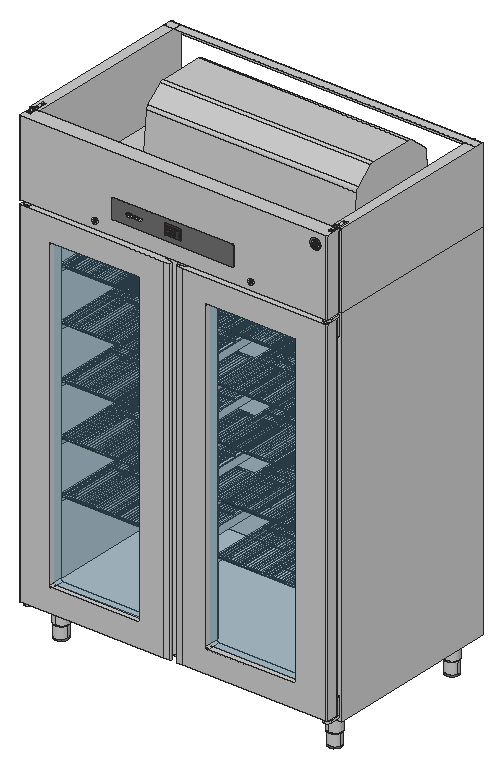
Revit family "QF_HOSHIZAKI_174141070", category Specialty Equipment, Revit 2016
Family settings
  Part Type = Normal
  Round Connector Dimension = Use Diameter
  OmniClass Number = 23.40.40.14
  OmniClass Title = Food Service Equipment
  Work Plane-Based = No
  Always vertical = Yes
  Cut with Voids When Loaded = No
  Shared = No
  Room Calculation Point = No
Parameters (values of type "174141070_230V/1Ph/50Hz")
  Weight = 196.00 kg
  Volts = 230 V
  URL Cutsheet = ""
  URL = "www.hoshizaki-europe.com"
  Status [instance] = ""
  Specification by User [instance] = ""
  Specification by Manufacturer [instance] = ""
  Serial Number = ""
  Seismic Rating = ""
  SMACNA No = ""
  Revision Code [instance] = ""
  Phase = 1
  Number of Poles = 2
  NAFEM Spec ID Number = ""
  Model = "PREMIER KG 140 L"
  Min Ckt Ampacity = 0 A
  Max Overcurrent Protection = 0 A
  Masterspec = ""
  Manufacturer = "HOSHIZAKI"
  Length Actual = 1380 mm
  Item Number [instance] = ""
  Installed By [instance] = ""
  Identify Quantity as Lot [instance] = no
  Height Actual = 2100 mm
  HP power = ""
  Furnished By [instance] = ""
  Foodservice Equipment Identifier [instance] = yes
  FL Amps = 9.83 A
  Electric power = 2260 W
  Electric Connection Type [instance] = ""
  Elec Conn RI Height [instance] = 0 mm
  Elec Conn Connection Height [instance] = 1650 mm
  Description = "PREMIER DOUBLE DOOR REFRIGERATOR, 2/1 GN DEEP, AISI 304 STAINLESS STEEL EXTERIOR AND INTERIOR, GLASS DOORS, HC NATURAL REFRIGERANT, LEGS"
  Depth Actual = 920 mm
  Cycle = 50 Hz
  Cost = 0
  Conn Plug = ""
  Conn Conduit = no
  CSI MasterFormat = ""
  Assembly Code = "E1090320"
  Apparent Power = 2260 VA
  Accessory = no
Reference planes
  plane 1 "Center (Front/Back)": y = 0
  plane 2: z = 0
  plane 3 "Center (Left/Right)": x = 0
Forms (mm)
  Extrusion 1, solid, not visible
    sketch origin (1349, -2, 1799) x (1, 0, 0) y (0, 1, 0)
      loop
        line (0, 0) -> (2, 0) -> (2, 2) -> (0, 2) -> (0, 0)
    from 0 to 2
Dimensions and locks
  aligned and locked: level to plane 2
Nested families
  nested 1: "QF_HOSHIZAKI_174141070_230V_1Ph_50Hz" at (0, 0, 150), type "174141070_230V/1Ph/50Hz"
    with Show Logo yes, Show Clearance yes
  nested 2: "QF_HOSHIZAKI_PRE_ADV_LEGS" at (0, 0, 0), type "760660118-1380X920"
    with Length Actual 1380 mm, Height Actual 150 mm, Depth Actual 920 mm
Connectors
  electrical at (1350, 0, 1800), driven by "Apparent Power", driven by "Number of Poles", driven by "Volts"
    settings: on Extrusion 1, index 1, voltage 230 V, apparent load 0 VA, apparent load phase1 2260 VA, apparent load phase2 0 VA, apparent load phase3 0 VA, power factor 1, load classification "Other", number of poles 2, system type 31, power factor state 1, is connector primary yes, connector utility no, sub classification motor no, connector description "Electric connection for '174141070'"
Definition of nested family "QF_HOSHIZAKI_174141070_230V_1Ph_50Hz"
  Parameters (values of type "174141070_230V/1Ph/50Hz")
    URL = "www.hoshizaki-europe.com"
    Show Logo [instance] = yes
    Show Clearance [instance] = yes
    Model = "PREMIER KG 140 L"
    Manufacturer = "HOSHIZAKI"
    Description = "PREMIER DOUBLE DOOR REFRIGERATOR, 2/1 GN DEEP, AISI 304 STAINLESS STEEL EXTERIOR AND INTERIOR, GLASS DOORS, HC NATURAL REFRIGERANT, LEGS"
    Assembly Code = "E1090320"
  Types (3, lengths in mm): name | Model | Description
    174141070_230V/1Ph/50Hz | "PREMIER KG 140 L" | "PREMIER DOUBLE DOOR REFRIGERATOR, 2/1 GN DEEP, AISI 304 STAINLESS STEEL EXTERIOR AND INTERIOR, GLASS DOORS, HC NATURAL REFRIGERANT, LEGS"
    174142090 | "PREMIER KG 140 C U" | "PREMIER DOUBLE DOOR REFRIGERATOR, 2/1 GN DEEP, AISI 304 STAINLESS STEEL EXTERIOR AND INTERIOR, GLASS DOORS, HC NATURAL REFRIGERANT, CASTORS"
    174142070 | "PREMIER KG 140 C" | "PREMIER DOUBLE DOOR REFRIGERATOR, 2/1 GN DEEP, AISI 304 STAINLESS STEEL EXTERIOR AND INTERIOR, GLASS DOORS, HC NATURAL REFRIGERANT, CASTORS"
  Reference planes
    plane 1 "Back": y = 0
    plane 2: z = 0
    plane 3 "Left": x = 0
    plane 4 "Right": x = 1380
    plane 5 "Front": y = -850
    plane 6 "Top": z = 1950
  Forms (mm)
    Extrusion 1, solid
      sketch origin (689.43, -2.4, 1950) x (1, 0, 0) y (0, 1, 0)
        loop
          line (675.57, -773.038) -> (675.57, -726.21) -> (660.57, -726.21) -> (660.57, -773.038) -> (675.57, -773.038)
        loop
          circle (668.07, -734.247) r 1.711
        loop
          circle (668.07, -765.001) r 1.711
      from 0 to 2
    Extrusion 2, solid
      sketch origin (689.43, -61.259, 1950) x (1, 0, 0) y (0, 1, 0)
        loop
          line (675.57, -752.351) -> (675.57, -720.851) -> (660.57, -720.851) -> (660.57, -752.351) -> (675.57, -752.351)
        loop
          circle (668.07, -727.851) r 1.711
        loop
          circle (668.07, -745.351) r 1.711
      from 0 to 2
    Extrusion 3, solid
      sketch origin (1350, -2.4, -0.1) x (0, 1, 0) y (0, 0, 1)
        loop
          arc (-776.21, 1952.1) -> (-777.016, 1954.865) -> (-774.851, 1952.966) r 1.5
          line (-774.851, 1952.966) -> (-772.968, 1952.281)
          arc (-772.968, 1952.281) -> (-778.164, 1956.504) -> (-776.21, 1950.1) r 3.5
          line (-776.21, 1950.1) -> (-773.038, 1950.1) -> (-773.038, 1952.1) -> (-776.21, 1952.1)
      from 0 to 15
    Extrusion 4, solid
      sketch origin (-645.57, -2.4, 1950) x (1, 0, 0) y (0, 1, 0)
        loop
          line (675.57, -773.038) -> (675.57, -726.21) -> (660.57, -726.21) -> (660.57, -773.038) -> (675.57, -773.038)
        loop
          circle (668.07, -734.247) r 1.711
        loop
          circle (668.07, -765.001) r 1.711
      from 0 to 2
    Extrusion 5, solid
      sketch origin (-645.57, -61.259, 1950) x (1, 0, 0) y (0, 1, 0)
        loop
          line (675.57, -752.351) -> (675.57, -720.851) -> (660.57, -720.851) -> (660.57, -752.351) -> (675.57, -752.351)
        loop
          circle (668.07, -727.851) r 1.711
        loop
          circle (668.07, -745.351) r 1.711
      from 0 to 2
    Extrusion 6, solid
      sketch origin (15, -2.4, -0.1) x (0, 1, 0) y (0, 0, 1)
        loop
          arc (-776.21, 1952.1) -> (-777.016, 1954.865) -> (-774.851, 1952.966) r 1.5
          line (-774.851, 1952.966) -> (-772.968, 1952.281)
          arc (-772.968, 1952.281) -> (-778.164, 1956.504) -> (-776.21, 1950.1) r 3.5
          line (-776.21, 1950.1) -> (-773.038, 1950.1) -> (-773.038, 1952.1) -> (-776.21, 1952.1)
      from 0 to 15
    Extrusion 7, solid
      sketch origin (0, 0, 0) x (0, 1, 0) y (0, 0, 1)
        loop
          line (-780, 1617.5) -> (0, 1617.5) -> (0, 1948.5)
          arc (0, 1948.5) -> (-0.439, 1949.561) -> (-1.5, 1950) r 1.5
          line (-1.5, 1950) -> (-779.35, 1950)
          arc (-779.35, 1950) -> (-779.81, 1949.81) -> (-780, 1949.35) r 0.65
          line (-780, 1949.35) -> (-780, 1617.5)
      from 0 to 45
    Extrusion 8, solid
      sketch origin (1335, 0, 0) x (0, 1, 0) y (0, 0, 1)
        loop
          line (-780, 1617.5) -> (0, 1617.5) -> (0, 1948.5)
          arc (0, 1948.5) -> (-0.439, 1949.561) -> (-1.5, 1950) r 1.5
          line (-1.5, 1950) -> (-779.35, 1950)
          arc (-779.35, 1950) -> (-779.81, 1949.81) -> (-780, 1949.35) r 0.65
          line (-780, 1949.35) -> (-780, 1617.5)
      from 0 to 45
    Extrusion 9, solid
      sketch origin (0, 1.5, -0.1) x (0, 1, 0) y (0, 0, 1)
        loop
          line (-1.51, 1951.6) -> (-38.51, 1951.6) -> (-38.51, 1950.1) -> (-3, 1950.1)
          arc (-3, 1950.1) -> (-1.939, 1949.661) -> (-1.5, 1948.6) r 1.5
          line (-1.5, 1948.6) -> (-1.5, 1914.7) -> (0, 1914.7) -> (0, 1950.09)
          arc (0, 1950.09) -> (-0.442, 1951.158) -> (-1.51, 1951.6) r 1.51
      from 1.06 to 1379.06
    Extrusion 10, solid
      sketch origin (0, -2.4, 1949.9) x (1, 0, 0) y (0, 1, 0)
        loop
          line (10, -778.8) -> (10, -842.7)
          arc (10, -842.7) -> (11.435, -846.165) -> (14.9, -847.6) r 4.9
          line (14.9, -847.6) -> (1365.1, -847.6)
          arc (1365.1, -847.6) -> (1368.565, -846.165) -> (1370, -842.7) r 4.9
          line (1370, -842.7) -> (1370, -778.8)
          arc (1370, -778.8) -> (1369.649, -777.951) -> (1368.8, -777.6) r 1.2
          line (1368.8, -777.6) -> (11.2, -777.6)
          arc (11.2, -777.6) -> (10.351, -777.951) -> (10, -778.8) r 1.2
      from -332.4 to 0.1
    Extrusion 11, solid
      sketch origin (7.29, 0, 0) x (0, 1, 0) y (0, 0, 1)
        loop
          arc (-113.281, 1932.651) -> (-120.8, 1936.992) -> (-129.35, 1938.5) r 25
          line (-129.35, 1938.5) -> (-324.65, 1938.5)
          arc (-324.65, 1938.5) -> (-333.2, 1936.992) -> (-340.719, 1932.651) r 25
          line (-340.719, 1932.651) -> (-408.922, 1875.423)
          arc (-408.922, 1875.423) -> (-415.027, 1867.815) -> (-417.757, 1858.45) r 25
          line (-417.757, 1858.45) -> (-436.998, 1638.52) -> (-17.002, 1638.52) -> (-36.243, 1858.45)
          arc (-36.243, 1858.45) -> (-38.973, 1867.815) -> (-45.078, 1875.423) r 25
          line (-45.078, 1875.423) -> (-113.281, 1932.651)
      from 219.97 to 1149.59
    Extrusion 12, solid
      sketch origin (0, 0, 0) x (1, 0, 0) y (0, 0, 1)
        loop
          line (45, 1638.52) -> (45, 1617.5) -> (1335, 1617.5) -> (1335, 1638.52) -> (45, 1638.52)
      from 0 to 780
    Extrusion 13, solid
      sketch origin (-455, -848.5, -0.1) x (1, 0, 0) y (0, 0, 1)
        loop
          arc (883.06, 1773.1) -> (877.403, 1770.757) -> (875.06, 1765.1) r 8
          line (875.06, 1765.1) -> (875.06, 1691.1)
          arc (875.06, 1691.1) -> (877.403, 1685.443) -> (883.06, 1683.1) r 8
          line (883.06, 1683.1) -> (1407.06, 1683.1)
          arc (1407.06, 1683.1) -> (1412.717, 1685.443) -> (1415.06, 1691.1) r 8
          line (1415.06, 1691.1) -> (1415.06, 1765.1)
          arc (1415.06, 1765.1) -> (1412.717, 1770.757) -> (1407.06, 1773.1) r 8
          line (1407.06, 1773.1) -> (883.06, 1773.1)
        loop
          line (1108.56, 1748.1) -> (1108.56, 1708.1)
          arc (1108.56, 1708.1) -> (1109.439, 1705.979) -> (1111.56, 1705.1) r 3
          line (1111.56, 1705.1) -> (1178.56, 1705.1)
          arc (1178.56, 1705.1) -> (1180.681, 1705.979) -> (1181.56, 1708.1) r 3
          line (1181.56, 1708.1) -> (1181.56, 1748.1)
          arc (1181.56, 1748.1) -> (1180.681, 1750.221) -> (1178.56, 1751.1) r 3
          line (1178.56, 1751.1) -> (1111.56, 1751.1)
          arc (1111.56, 1751.1) -> (1109.439, 1750.221) -> (1108.56, 1748.1) r 3
      from 0 to 2
    Extrusion 14, solid
      sketch origin (-455, -848.5, -0.1) x (1, 0, 0) y (0, 0, 1)
        loop
          arc (1111.56, 1751.1) -> (1109.439, 1750.221) -> (1108.56, 1748.1) r 3
          line (1108.56, 1748.1) -> (1108.56, 1708.1)
          arc (1108.56, 1708.1) -> (1109.439, 1705.979) -> (1111.56, 1705.1) r 3
          line (1111.56, 1705.1) -> (1178.56, 1705.1)
          arc (1178.56, 1705.1) -> (1180.681, 1705.979) -> (1181.56, 1708.1) r 3
          line (1181.56, 1708.1) -> (1181.56, 1748.1)
          arc (1181.56, 1748.1) -> (1180.681, 1750.221) -> (1178.56, 1751.1) r 3
          line (1178.56, 1751.1) -> (1111.56, 1751.1)
      from 0 to 2
    Extrusion 15, solid
      sketch origin (-457.5, -849, -5.1) x (1, 0, 0) y (0, 0, 1)
        loop
          line (1136.633, 1749.545) -> (1121.158, 1749.545) -> (1124.075, 1746.361) -> (1133.159, 1746.361) -> (1136.633, 1749.545)
        loop
          line (1133.527, 1745.959) -> (1132.66, 1736.05) -> (1135.577, 1732.867) -> (1137.001, 1749.142) -> (1133.527, 1745.959)
        loop
          line (1132.258, 1735.682) -> (1119.945, 1735.682) -> (1122.862, 1732.498) -> (1135.175, 1732.498) -> (1132.258, 1735.682)
        loop
          line (1132.302, 1731.953) -> (1131.447, 1722.188) -> (1134.365, 1719.004) -> (1135.497, 1731.953) -> (1132.302, 1731.953)
        loop
          line (1131.045, 1721.819) -> (1121.961, 1721.819) -> (1118.487, 1718.636) -> (1133.962, 1718.636) -> (1131.045, 1721.819)
        loop
          line (1145.575, 1746.361) -> (1154.659, 1746.361) -> (1158.133, 1749.545) -> (1142.658, 1749.545) -> (1145.575, 1746.361)
        loop
          line (1144.318, 1736.227) -> (1145.173, 1745.992) -> (1142.255, 1749.176) -> (1141.122, 1736.227) -> (1144.318, 1736.227)
        loop
          line (1155.027, 1745.959) -> (1154.16, 1736.05) -> (1157.077, 1732.867) -> (1158.501, 1749.142) -> (1155.027, 1745.959)
        loop
          line (1153.758, 1735.682) -> (1141.445, 1735.682) -> (1144.362, 1732.498) -> (1156.675, 1732.498) -> (1153.758, 1735.682)
        loop
          line (1153.802, 1731.953) -> (1152.947, 1722.188) -> (1155.865, 1719.004) -> (1156.997, 1731.953) -> (1153.802, 1731.953)
        loop
          line (1152.545, 1721.819) -> (1143.461, 1721.819) -> (1139.987, 1718.636) -> (1155.462, 1718.636) -> (1152.545, 1721.819)
        loop
          line (1167.075, 1746.361) -> (1176.159, 1746.361) -> (1179.633, 1749.545) -> (1164.158, 1749.545) -> (1167.075, 1746.361)
        loop
          line (1176.527, 1745.959) -> (1175.66, 1736.05) -> (1178.577, 1732.867) -> (1180.001, 1749.142) -> (1176.527, 1745.959)
        loop
          line (1175.302, 1731.953) -> (1174.447, 1722.188) -> (1177.365, 1719.004) -> (1178.497, 1731.953) -> (1175.302, 1731.953)
        loop
          line (1138.858, 1721.819) -> (1135.615, 1721.819) -> (1135.336, 1718.636) -> (1138.58, 1718.636) -> (1138.858, 1721.819)
      from 0 to 2
    Revolve 16, solid
      sketch origin (345, 897.6, -0.1) x (0, 1, 0) y (0, 0, 1)
        loop
          line (-1752.6, 1652.1) -> (-1747.6, 1652.1) -> (-1747.6, 1662.634)
          arc (-1747.6, 1662.634) -> (-1748.329, 1663.731) -> (-1749.631, 1663.534) r 1.226
          line (-1749.631, 1663.534) -> (-1752.6, 1660.565) -> (-1752.6, 1652.1)
        axis (-1747.6, 1652.1) -> (-1752.6, 1652.1)
      angle from 0 to 360
    Extrusion 17, void
      sketch origin (-800.06, -853.5, -1.6) x (1, 0, 0) y (0, 0, 1)
        loop
          line (1143.96, 1657.815) -> (1143.96, 1649.385) -> (1146.16, 1649.385) -> (1146.16, 1657.815) -> (1143.96, 1657.815)
      from -3.5 to 2
    Extrusion 18, solid, visible <- "Show Logo"
      sketch origin (1779.314, -848.5, 39.9) x (-1, 0, 0) y (0, 0, -1)
        loop
          circle (459.884, -1862.5) r 13.99
      from 0 to 2
    Extrusion 19, solid, visible <- "Show Logo"
      sketch origin (1779.314, -849, 39.9) x (-1, 0, 0) y (0, 0, -1)
        loop
          circle (459.884, -1862.5) r 15
        loop
          arc (446.884, -1862.5) -> (460.705, -1875.474) -> (472.781, -1860.863) r 13
          line (472.781, -1860.863) -> (470.355, -1858.437) -> (469.346, -1862.201) -> (466.355, -1863.928) -> (465.024, -1865.26) -> (463.375, -1865.26) -> (462.04, -1870.241) -> (457.755, -1870.241) -> (459.339, -1867.979) -> (460.402, -1864.014) -> (461.224, -1860.945) -> (462.416, -1856.497) -> (461.216, -1855.297) -> (459.433, -1857.843) -> (455.784, -1851.523) -> (460.361, -1851.523) -> (461.471, -1853.446) -> (469.213, -1853.446)
          arc (469.213, -1853.446) -> (460.394, -1849.51) -> (451.293, -1852.743) r 13
          line (451.293, -1852.743) -> (455.577, -1853.891) -> (453.752, -1856.497) -> (455.349, -1856.497) -> (454.477, -1866.459) -> (452.538, -1866.459) -> (446.884, -1862.5)
        loop
          line (447.853, -1857.467) -> (452.313, -1861.926) -> (450.144, -1853.891)
          arc (450.144, -1853.891) -> (448.878, -1855.602) -> (447.853, -1857.467) r 15.828
        loop
          line (463.583, -1862.877) -> (466.64, -1862.399) -> (464.901, -1861.285) -> (463.583, -1857.664) -> (463.583, -1862.877)
        loop
          line (464.827, -1855.979) -> (468.296, -1856.908) -> (469.573, -1854.916) -> (468.881, -1854.224) -> (467.914, -1855.035) -> (464.827, -1855.979)
        loop
          line (462.609, -1872.307) -> (462.609, -1874.009) -> (464.927, -1873.388) -> (462.609, -1872.307)
        loop
          line (460.361, -1874.662) -> (459.594, -1873.335) -> (460.801, -1872.638) -> (459.186, -1872.205) -> (458.298, -1874.11) -> (460.361, -1874.662)
        loop
          line (459.623, -1846.783) -> (460.706, -1845.701) -> (462.247, -1845.701) -> (461.191, -1844.645) -> (461.503, -1842.874) -> (459.623, -1843.959) -> (457.743, -1842.874) -> (458.055, -1844.645) -> (456.999, -1845.701) -> (458.54, -1845.701) -> (459.623, -1846.783)
        loop
          line (446.86, -1853.7) -> (446.594, -1852.191) -> (447.478, -1850.929) -> (446.007, -1851.188) -> (444.736, -1849.917) -> (444.547, -1852.08) -> (442.579, -1852.997) -> (444.209, -1853.757) -> (444.468, -1855.228) -> (445.352, -1853.965) -> (446.86, -1853.7)
        loop
          line (452.395, -1848.68) -> (452.856, -1847.219) -> (454.223, -1846.508) -> (452.799, -1846.059) -> (452.258, -1844.344) -> (451.091, -1846.175) -> (448.922, -1846.08) -> (450.017, -1847.507) -> (449.568, -1848.931) -> (450.935, -1848.219) -> (452.395, -1848.68)
        loop
          line (472.909, -1853.7) -> (474.417, -1853.965) -> (475.301, -1855.228) -> (475.56, -1853.757) -> (477.19, -1852.997) -> (475.222, -1852.08) -> (475.033, -1849.917) -> (473.761, -1851.188) -> (472.291, -1850.929) -> (473.175, -1852.191) -> (472.909, -1853.7)
        loop
          line (467.374, -1848.68) -> (468.834, -1848.219) -> (470.201, -1848.931) -> (469.752, -1847.507) -> (470.847, -1846.08) -> (468.678, -1846.175) -> (467.511, -1844.344) -> (466.97, -1846.059) -> (465.546, -1846.508) -> (466.913, -1847.219) -> (467.374, -1848.68)
      from 0 to 2
    Extrusion 20, solid, visible <- "Show Logo"
      sketch origin (1779.314, -849, 39.9) x (-1, 0, 0) y (0, 0, -1)
        loop
          line (462.609, -1874.009) -> (462.609, -1872.307) -> (462.085, -1870.241) -> (457.755, -1870.241) -> (459.339, -1867.979) -> (462.416, -1856.497) -> (461.216, -1855.297) -> (459.433, -1857.843) -> (455.808, -1851.565) -> (453.948, -1851.565) -> (455.577, -1853.891) -> (454.477, -1866.459) -> (456.345, -1871.339)
          arc (456.345, -1871.339) -> (456.868, -1874.025) -> (459.213, -1875.435) r 3.366
          arc (459.213, -1875.435) -> (460.198, -1875.496) -> (461.183, -1875.435) r 8.046
          line (461.183, -1875.435) -> (462.609, -1874.009)
        loop
          line (456.854, -1851.523) -> (460.361, -1851.523) -> (460.916, -1852.485) -> (462.702, -1852.485) -> (463.779, -1851.407) -> (460.623, -1851.407) -> (461.563, -1850.468) -> (456.245, -1850.468) -> (456.854, -1851.523)
        loop
          line (460.361, -1874.662) -> (459.594, -1873.335) -> (460.801, -1872.638) -> (459.186, -1872.205) -> (458.298, -1874.11) -> (460.361, -1874.662)
      from 0 to 2
    Extrusion 21, solid, visible <- "Show Logo"
      sketch origin (1764.93, -848.5, 1338.8) x (-1, 0, 0) y (0, 0, -1)
        loop
          circle (445.5, -563.6) r 22.5
      from 0 to 2
    Extrusion 22, solid
      sketch origin (0, 0, 0) x (1, 0, 0) y (0, 0, 1)
        loop
          line (0, 1617.5) -> (0, 0) -> (1380, 0) -> (1380, 1617.5) -> (0, 1617.5)
        loop
          line (60, 1557.5) -> (60, 60) -> (1320, 60) -> (1320, 1557.5) -> (60, 1557.5)
      from 0 to 780
    Extrusion 23, solid
      sketch origin (0, 0, 0) x (1, 0, 0) y (0, 0, 1)
        loop
          line (60, 60) -> (1320, 60) -> (1320, 1557.5) -> (60, 1557.5) -> (60, 60)
      from 0 to 45
    Revolve 24, solid
      sketch origin (1035, 897.6, -0.1) x (0, 1, 0) y (0, 0, 1)
        loop
          line (-1752.6, 1652.1) -> (-1747.6, 1652.1) -> (-1747.6, 1662.634)
          arc (-1747.6, 1662.634) -> (-1748.329, 1663.731) -> (-1749.631, 1663.534) r 1.226
          line (-1749.631, 1663.534) -> (-1752.6, 1660.565) -> (-1752.6, 1652.1)
        axis (-1747.6, 1652.1) -> (-1752.6, 1652.1)
      angle from 0 to 360
    Extrusion 25, void
      sketch origin (-110.06, -853.5, -1.6) x (1, 0, 0) y (0, 0, 1)
        loop
          line (1143.96, 1657.815) -> (1143.96, 1649.385) -> (1146.16, 1649.385) -> (1146.16, 1657.815) -> (1143.96, 1657.815)
      from -3.5 to 2
    Extrusion 26, solid
      sketch origin (1668.773, -1377.354, 8.619) x (1, 0, 0) y (0, 0, 1)
        loop
          line (-1608.773, 1040.071) -> (-1597.242, 1064.755)
          arc (-1597.242, 1064.755) -> (-1597.517, 1069.496) -> (-1601.631, 1071.869) r 5
          line (-1601.631, 1071.869) -> (-1608.773, 1072.071) -> (-1608.773, 1040.071)
        loop
          line (-1608.773, 812.071) -> (-1597.242, 836.755)
          arc (-1597.242, 836.755) -> (-1597.517, 841.496) -> (-1601.631, 843.869) r 5
          line (-1601.631, 843.869) -> (-1608.773, 844.071) -> (-1608.773, 812.071)
        loop
          line (-1608.773, 584.071) -> (-1597.242, 608.755)
          arc (-1597.242, 608.755) -> (-1597.517, 613.496) -> (-1601.631, 615.869) r 5
          line (-1601.631, 615.869) -> (-1608.773, 616.071) -> (-1608.773, 584.071)
        loop
          line (-1608.773, 356.071) -> (-1597.242, 380.755)
          arc (-1597.242, 380.755) -> (-1597.517, 385.496) -> (-1601.631, 387.869) r 5
          line (-1601.631, 387.869) -> (-1608.773, 388.071) -> (-1608.773, 356.071)
        loop
          line (-1608.773, 1268.071) -> (-1597.242, 1292.755)
          arc (-1597.242, 1292.755) -> (-1597.517, 1297.496) -> (-1601.631, 1299.869) r 5
          line (-1601.631, 1299.869) -> (-1608.773, 1300.071) -> (-1608.773, 1268.071)
      from -1258.581 to -637.848
    Extrusion 27, void
      sketch origin (2358.773, -1377.354, 8.619) x (1, 0, 0) y (0, 1, 0)
        loop
          line (-1608.773, 637.848) -> (-1591.773, 637.848) -> (-1591.773, 665.582) -> (-1608.773, 637.848)
        loop
          line (-1608.773, 1258.581) -> (-1591.773, 1230.847) -> (-1591.773, 1258.581) -> (-1608.773, 1258.581)
      from 319.057 to 1342.987
    Extrusion 28, solid
      sketch origin (1668.773, -1377.354, 122.629) x (1, 0, 0) y (0, 1, 0)
        loop
          line (-1608.773, 1140.914) -> (-1608.773, 1115.914) -> (-1603.773, 1125.914) -> (-1603.773, 1130.914) -> (-1608.773, 1140.914)
      from 227.371 to 252.977
    Extrusion 29, solid
      sketch origin (1668.773, -1377.354, 350.629) x (1, 0, 0) y (0, 1, 0)
        loop
          line (-1608.773, 1140.914) -> (-1608.773, 1115.914) -> (-1603.773, 1125.914) -> (-1603.773, 1130.914) -> (-1608.773, 1140.914)
      from 227.371 to 252.977
    Extrusion 30, solid
      sketch origin (1668.773, -1377.354, 578.629) x (1, 0, 0) y (0, 1, 0)
        loop
          line (-1608.773, 1140.914) -> (-1608.773, 1115.914) -> (-1603.773, 1125.914) -> (-1603.773, 1130.914) -> (-1608.773, 1140.914)
      from 227.371 to 252.977
    Extrusion 31, solid
      sketch origin (1668.773, -1377.354, 806.629) x (1, 0, 0) y (0, 1, 0)
        loop
          line (-1608.773, 1140.914) -> (-1608.773, 1115.914) -> (-1603.773, 1125.914) -> (-1603.773, 1130.914) -> (-1608.773, 1140.914)
      from 227.371 to 252.977
    Extrusion 32, solid
      sketch origin (1668.773, -1737.354, 122.629) x (1, 0, 0) y (0, 1, 0)
        loop
          line (-1608.773, 1140.914) -> (-1608.773, 1115.914) -> (-1603.773, 1125.914) -> (-1603.773, 1130.914) -> (-1608.773, 1140.914)
      from 227.371 to 252.977
    Extrusion 33, solid
      sketch origin (1668.773, -1737.354, 350.629) x (1, 0, 0) y (0, 1, 0)
        loop
          line (-1608.773, 1140.914) -> (-1608.773, 1115.914) -> (-1603.773, 1125.914) -> (-1603.773, 1130.914) -> (-1608.773, 1140.914)
      from 227.371 to 252.977
    Extrusion 34, solid
      sketch origin (1668.773, -1737.354, 578.629) x (1, 0, 0) y (0, 1, 0)
        loop
          line (-1608.773, 1140.914) -> (-1608.773, 1115.914) -> (-1603.773, 1125.914) -> (-1603.773, 1130.914) -> (-1608.773, 1140.914)
      from 227.371 to 252.977
    Extrusion 35, solid
      sketch origin (1668.773, -1737.354, 806.629) x (1, 0, 0) y (0, 1, 0)
        loop
          line (-1608.773, 1140.914) -> (-1608.773, 1115.914) -> (-1603.773, 1125.914) -> (-1603.773, 1130.914) -> (-1608.773, 1140.914)
      from 227.371 to 252.977
    Extrusion 36, solid
      sketch origin (-978.773, -1377.354, 8.619) x (-1, 0, 0) y (0, 0, -1)
        loop
          line (-1608.773, -1040.071) -> (-1608.773, -1072.071) -> (-1601.631, -1071.869)
          arc (-1601.631, -1071.869) -> (-1597.517, -1069.496) -> (-1597.242, -1064.755) r 5
          line (-1597.242, -1064.755) -> (-1608.773, -1040.071)
        loop
          line (-1608.773, -812.071) -> (-1608.773, -844.071) -> (-1601.631, -843.869)
          arc (-1601.631, -843.869) -> (-1597.517, -841.496) -> (-1597.242, -836.755) r 5
          line (-1597.242, -836.755) -> (-1608.773, -812.071)
        loop
          line (-1608.773, -584.071) -> (-1608.773, -616.071) -> (-1601.631, -615.869)
          arc (-1601.631, -615.869) -> (-1597.517, -613.496) -> (-1597.242, -608.755) r 5
          line (-1597.242, -608.755) -> (-1608.773, -584.071)
        loop
          line (-1608.773, -356.071) -> (-1608.773, -388.071) -> (-1601.631, -387.869)
          arc (-1601.631, -387.869) -> (-1597.517, -385.496) -> (-1597.242, -380.755) r 5
          line (-1597.242, -380.755) -> (-1608.773, -356.071)
        loop
          line (-1608.773, -1268.071) -> (-1608.773, -1300.071) -> (-1601.631, -1299.869)
          arc (-1601.631, -1299.869) -> (-1597.517, -1297.496) -> (-1597.242, -1292.755) r 5
          line (-1597.242, -1292.755) -> (-1608.773, -1268.071)
      from -1258.581 to -637.848
    Extrusion 37, void
      sketch origin (-288.773, -1377.354, 8.619) x (-1, 0, 0) y (0, -1, 0)
        loop
          line (-1608.773, -637.848) -> (-1591.773, -665.582) -> (-1591.773, -637.848) -> (-1608.773, -637.848)
        loop
          line (-1608.773, -1258.581) -> (-1591.773, -1258.581) -> (-1591.773, -1230.847) -> (-1608.773, -1258.581)
      from 319.057 to 1342.987
    Extrusion 38, solid
      sketch origin (-978.773, -1377.354, 122.629) x (-1, 0, 0) y (0, -1, 0)
        loop
          line (-1608.773, -1140.914) -> (-1603.773, -1130.914) -> (-1603.773, -1125.914) -> (-1608.773, -1115.914) -> (-1608.773, -1140.914)
      from 227.371 to 252.977
    Extrusion 39, solid
      sketch origin (-978.773, -1377.354, 350.629) x (-1, 0, 0) y (0, -1, 0)
        loop
          line (-1608.773, -1140.914) -> (-1603.773, -1130.914) -> (-1603.773, -1125.914) -> (-1608.773, -1115.914) -> (-1608.773, -1140.914)
      from 227.371 to 252.977
    Extrusion 40, solid
      sketch origin (-978.773, -1377.354, 578.629) x (-1, 0, 0) y (0, -1, 0)
        loop
          line (-1608.773, -1140.914) -> (-1603.773, -1130.914) -> (-1603.773, -1125.914) -> (-1608.773, -1115.914) -> (-1608.773, -1140.914)
      from 227.371 to 252.977
    Extrusion 41, solid
      sketch origin (-978.773, -1377.354, 806.629) x (-1, 0, 0) y (0, -1, 0)
        loop
          line (-1608.773, -1140.914) -> (-1603.773, -1130.914) -> (-1603.773, -1125.914) -> (-1608.773, -1115.914) -> (-1608.773, -1140.914)
      from 227.371 to 252.977
    Extrusion 42, solid
      sketch origin (-978.773, -1737.354, 122.629) x (-1, 0, 0) y (0, -1, 0)
        loop
          line (-1608.773, -1140.914) -> (-1603.773, -1130.914) -> (-1603.773, -1125.914) -> (-1608.773, -1115.914) -> (-1608.773, -1140.914)
      from 227.371 to 252.977
    Extrusion 43, solid
      sketch origin (-978.773, -1737.354, 350.629) x (-1, 0, 0) y (0, -1, 0)
        loop
          line (-1608.773, -1140.914) -> (-1603.773, -1130.914) -> (-1603.773, -1125.914) -> (-1608.773, -1115.914) -> (-1608.773, -1140.914)
      from 227.371 to 252.977
    Extrusion 44, solid
      sketch origin (-978.773, -1737.354, 578.629) x (-1, 0, 0) y (0, -1, 0)
        loop
          line (-1608.773, -1140.914) -> (-1603.773, -1130.914) -> (-1603.773, -1125.914) -> (-1608.773, -1115.914) -> (-1608.773, -1140.914)
      from 227.371 to 252.977
    Extrusion 45, solid
      sketch origin (-978.773, -1737.354, 806.629) x (-1, 0, 0) y (0, -1, 0)
        loop
          line (-1608.773, -1140.914) -> (-1603.773, -1130.914) -> (-1603.773, -1125.914) -> (-1608.773, -1115.914) -> (-1608.773, -1140.914)
      from 227.371 to 252.977
    Sweep 46, solid
      path origin (67.141, -164.14, 399.988) x (1, 0, 0) y (0, 1, 0)
        loop
          arc (11.859, 0) -> (3.373, -3.515) -> (-0.141, -12) r 12
          line (-0.141, -12) -> (-0.141, -518)
          arc (-0.141, -518) -> (3.373, -526.485) -> (11.859, -530) r 12
          line (11.859, -530) -> (543.859, -530)
          arc (543.859, -530) -> (552.344, -526.485) -> (555.859, -518) r 12
          line (555.859, -518) -> (555.859, -12)
          arc (555.859, -12) -> (552.344, -3.515) -> (543.859, 0) r 12
          line (543.859, 0) -> (11.859, 0)
      profile origin (345, -164.14, 399.988) x (0, 1, 0) y (0, 0, 1)
        loop
          circle (0, 0) r 3.5
    Extrusion 47, solid
      sketch origin (60.141, -164.14, 399.988) x (1, 0, 0) y (0, 0, 1)
        loop
          circle (16, 4.5) r 1
        loop
          circle (28.5, 4.5) r 1
        loop
          circle (41, 4.5) r 1
        loop
          circle (53.5, 4.5) r 1
        loop
          circle (66, 4.5) r 1
        loop
          circle (78.5, 4.5) r 1
        loop
          circle (91, 4.5) r 1
        loop
          circle (103.5, 4.5) r 1
        loop
          circle (116, 4.5) r 1
        loop
          circle (128.5, 4.5) r 1
        loop
          circle (141, 4.5) r 1
        loop
          circle (153.5, 4.5) r 1
        loop
          circle (166, 4.5) r 1
        loop
          circle (178.5, 4.5) r 1
        loop
          circle (191, 4.5) r 1
        loop
          circle (203.5, 4.5) r 1
        loop
          circle (216, 4.5) r 1
        loop
          circle (228.5, 4.5) r 1
        loop
          circle (241, 4.5) r 1
        loop
          circle (253.5, 4.5) r 1
        loop
          circle (266, 4.5) r 1
        loop
          circle (278.5, 4.5) r 1
        loop
          circle (291, 4.5) r 1
        loop
          circle (303.5, 4.5) r 1
        loop
          circle (316, 4.5) r 1
        loop
          circle (328.5, 4.5) r 1
        loop
          circle (341, 4.5) r 1
        loop
          circle (353.5, 4.5) r 1
        loop
          circle (366, 4.5) r 1
        loop
          circle (378.5, 4.5) r 1
        loop
          circle (391, 4.5) r 1
        loop
          circle (403.5, 4.5) r 1
        loop
          circle (416, 4.5) r 1
        loop
          circle (428.5, 4.5) r 1
        loop
          circle (441, 4.5) r 1
        loop
          circle (453.5, 4.5) r 1
        loop
          circle (466, 4.5) r 1
        loop
          circle (478.5, 4.5) r 1
        loop
          circle (491, 4.5) r 1
        loop
          circle (503.5, 4.5) r 1
        loop
          circle (516, 4.5) r 1
        loop
          circle (528.5, 4.5) r 1
        loop
          circle (541, 4.5) r 1
        loop
          circle (553.5, 4.5) r 1
      from 0 to 530
    Extrusion 48, solid
      sketch origin (67.141, -217.64, 399.988) x (0, 1, 0) y (0, 0, 1)
        loop
          circle (-211.5, 0) r 3.5
      from 0 to 555.754
    Sweep 49, solid
      path origin (67.141, -164.14, 627.988) x (1, 0, 0) y (0, 1, 0)
        loop
          arc (11.859, 0) -> (3.373, -3.515) -> (-0.141, -12) r 12
          line (-0.141, -12) -> (-0.141, -518)
          arc (-0.141, -518) -> (3.373, -526.485) -> (11.859, -530) r 12
          line (11.859, -530) -> (543.859, -530)
          arc (543.859, -530) -> (552.344, -526.485) -> (555.859, -518) r 12
          line (555.859, -518) -> (555.859, -12)
          arc (555.859, -12) -> (552.344, -3.515) -> (543.859, 0) r 12
          line (543.859, 0) -> (11.859, 0)
      profile origin (345, -164.14, 627.988) x (0, 1, 0) y (0, 0, 1)
        loop
          circle (0, 0) r 3.5
    Extrusion 50, solid
      sketch origin (60.141, -164.14, 627.988) x (1, 0, 0) y (0, 0, 1)
        loop
          circle (16, 4.5) r 1
        loop
          circle (28.5, 4.5) r 1
        loop
          circle (41, 4.5) r 1
        loop
          circle (53.5, 4.5) r 1
        loop
          circle (66, 4.5) r 1
        loop
          circle (78.5, 4.5) r 1
        loop
          circle (91, 4.5) r 1
        loop
          circle (103.5, 4.5) r 1
        loop
          circle (116, 4.5) r 1
        loop
          circle (128.5, 4.5) r 1
        loop
          circle (141, 4.5) r 1
        loop
          circle (153.5, 4.5) r 1
        loop
          circle (166, 4.5) r 1
        loop
          circle (178.5, 4.5) r 1
        loop
          circle (191, 4.5) r 1
        loop
          circle (203.5, 4.5) r 1
        loop
          circle (216, 4.5) r 1
        loop
          circle (228.5, 4.5) r 1
        loop
          circle (241, 4.5) r 1
        loop
          circle (253.5, 4.5) r 1
        loop
          circle (266, 4.5) r 1
        loop
          circle (278.5, 4.5) r 1
        loop
          circle (291, 4.5) r 1
        loop
          circle (303.5, 4.5) r 1
        loop
          circle (316, 4.5) r 1
        loop
          circle (328.5, 4.5) r 1
        loop
          circle (341, 4.5) r 1
        loop
          circle (353.5, 4.5) r 1
        loop
          circle (366, 4.5) r 1
        loop
          circle (378.5, 4.5) r 1
        loop
          circle (391, 4.5) r 1
        loop
          circle (403.5, 4.5) r 1
        loop
          circle (416, 4.5) r 1
        loop
          circle (428.5, 4.5) r 1
        loop
          circle (441, 4.5) r 1
        loop
          circle (453.5, 4.5) r 1
        loop
          circle (466, 4.5) r 1
        loop
          circle (478.5, 4.5) r 1
        loop
          circle (491, 4.5) r 1
        loop
          circle (503.5, 4.5) r 1
        loop
          circle (516, 4.5) r 1
        loop
          circle (528.5, 4.5) r 1
        loop
          circle (541, 4.5) r 1
        loop
          circle (553.5, 4.5) r 1
      from 0 to 530
    Extrusion 51, solid
      sketch origin (67.141, -217.64, 627.988) x (0, 1, 0) y (0, 0, 1)
        loop
          circle (-211.5, 0) r 3.5
      from 0 to 555.754
    Sweep 52, solid
      path origin (67.141, -164.14, 855.988) x (1, 0, 0) y (0, 1, 0)
        loop
          arc (11.859, 0) -> (3.373, -3.515) -> (-0.141, -12) r 12
          line (-0.141, -12) -> (-0.141, -518)
          arc (-0.141, -518) -> (3.373, -526.485) -> (11.859, -530) r 12
          line (11.859, -530) -> (543.859, -530)
          arc (543.859, -530) -> (552.344, -526.485) -> (555.859, -518) r 12
          line (555.859, -518) -> (555.859, -12)
          arc (555.859, -12) -> (552.344, -3.515) -> (543.859, 0) r 12
          line (543.859, 0) -> (11.859, 0)
      profile origin (345, -164.14, 855.988) x (0, 1, 0) y (0, 0, 1)
        loop
          circle (0, 0) r 3.5
    Extrusion 53, solid
      sketch origin (60.141, -164.14, 855.988) x (1, 0, 0) y (0, 0, 1)
        loop
          circle (16, 4.5) r 1
        loop
          circle (28.5, 4.5) r 1
        loop
          circle (41, 4.5) r 1
        loop
          circle (53.5, 4.5) r 1
        loop
          circle (66, 4.5) r 1
        loop
          circle (78.5, 4.5) r 1
        loop
          circle (91, 4.5) r 1
        loop
          circle (103.5, 4.5) r 1
        loop
          circle (116, 4.5) r 1
        loop
          circle (128.5, 4.5) r 1
        loop
          circle (141, 4.5) r 1
        loop
          circle (153.5, 4.5) r 1
        loop
          circle (166, 4.5) r 1
        loop
          circle (178.5, 4.5) r 1
        loop
          circle (191, 4.5) r 1
        loop
          circle (203.5, 4.5) r 1
        loop
          circle (216, 4.5) r 1
        loop
          circle (228.5, 4.5) r 1
        loop
          circle (241, 4.5) r 1
        loop
          circle (253.5, 4.5) r 1
        loop
          circle (266, 4.5) r 1
        loop
          circle (278.5, 4.5) r 1
        loop
          circle (291, 4.5) r 1
        loop
          circle (303.5, 4.5) r 1
        loop
          circle (316, 4.5) r 1
        loop
          circle (328.5, 4.5) r 1
        loop
          circle (341, 4.5) r 1
        loop
          circle (353.5, 4.5) r 1
        loop
          circle (366, 4.5) r 1
        loop
          circle (378.5, 4.5) r 1
        loop
          circle (391, 4.5) r 1
        loop
          circle (403.5, 4.5) r 1
        loop
          circle (416, 4.5) r 1
        loop
          circle (428.5, 4.5) r 1
        loop
          circle (441, 4.5) r 1
        loop
          circle (453.5, 4.5) r 1
        loop
          circle (466, 4.5) r 1
        loop
          circle (478.5, 4.5) r 1
        loop
          circle (491, 4.5) r 1
        loop
          circle (503.5, 4.5) r 1
        loop
          circle (516, 4.5) r 1
        loop
          circle (528.5, 4.5) r 1
        loop
          circle (541, 4.5) r 1
        loop
          circle (553.5, 4.5) r 1
      from 0 to 530
    Extrusion 54, solid
      sketch origin (67.141, -217.64, 855.988) x (0, 1, 0) y (0, 0, 1)
        loop
          circle (-211.5, 0) r 3.5
      from 0 to 555.754
    Sweep 55, solid
      path origin (67.141, -164.14, 1083.988) x (1, 0, 0) y (0, 1, 0)
        loop
          arc (11.859, 0) -> (3.373, -3.515) -> (-0.141, -12) r 12
          line (-0.141, -12) -> (-0.141, -518)
          arc (-0.141, -518) -> (3.373, -526.485) -> (11.859, -530) r 12
          line (11.859, -530) -> (543.859, -530)
          arc (543.859, -530) -> (552.344, -526.485) -> (555.859, -518) r 12
          line (555.859, -518) -> (555.859, -12)
          arc (555.859, -12) -> (552.344, -3.515) -> (543.859, 0) r 12
          line (543.859, 0) -> (11.859, 0)
      profile origin (345, -164.14, 1083.988) x (0, 1, 0) y (0, 0, 1)
        loop
          circle (0, 0) r 3.5
    Extrusion 56, solid
      sketch origin (60.141, -164.14, 1083.988) x (1, 0, 0) y (0, 0, 1)
        loop
          circle (16, 4.5) r 1
        loop
          circle (28.5, 4.5) r 1
        loop
          circle (41, 4.5) r 1
        loop
          circle (53.5, 4.5) r 1
        loop
          circle (66, 4.5) r 1
        loop
          circle (78.5, 4.5) r 1
        loop
          circle (91, 4.5) r 1
        loop
          circle (103.5, 4.5) r 1
        loop
          circle (116, 4.5) r 1
        loop
          circle (128.5, 4.5) r 1
        loop
          circle (141, 4.5) r 1
        loop
          circle (153.5, 4.5) r 1
        loop
          circle (166, 4.5) r 1
        loop
          circle (178.5, 4.5) r 1
        loop
          circle (191, 4.5) r 1
        loop
          circle (203.5, 4.5) r 1
        loop
          circle (216, 4.5) r 1
        loop
          circle (228.5, 4.5) r 1
        loop
          circle (241, 4.5) r 1
        loop
          circle (253.5, 4.5) r 1
        loop
          circle (266, 4.5) r 1
        loop
          circle (278.5, 4.5) r 1
        loop
          circle (291, 4.5) r 1
        loop
          circle (303.5, 4.5) r 1
        loop
          circle (316, 4.5) r 1
        loop
          circle (328.5, 4.5) r 1
        loop
          circle (341, 4.5) r 1
        loop
          circle (353.5, 4.5) r 1
        loop
          circle (366, 4.5) r 1
        loop
          circle (378.5, 4.5) r 1
        loop
          circle (391, 4.5) r 1
        loop
          circle (403.5, 4.5) r 1
        loop
          circle (416, 4.5) r 1
        loop
          circle (428.5, 4.5) r 1
        loop
          circle (441, 4.5) r 1
        loop
          circle (453.5, 4.5) r 1
        loop
          circle (466, 4.5) r 1
        loop
          circle (478.5, 4.5) r 1
        loop
          circle (491, 4.5) r 1
        loop
          circle (503.5, 4.5) r 1
        loop
          circle (516, 4.5) r 1
        loop
          circle (528.5, 4.5) r 1
        loop
          circle (541, 4.5) r 1
        loop
          circle (553.5, 4.5) r 1
      from 0 to 530
    Extrusion 57, solid
      sketch origin (67.141, -217.64, 1083.988) x (0, 1, 0) y (0, 0, 1)
        loop
          circle (-211.5, 0) r 3.5
      from 0 to 555.754
    Extrusion 58, solid
      sketch origin (1668.773, -1377.354, 1034.629) x (1, 0, 0) y (0, 1, 0)
        loop
          line (-1608.773, 1140.914) -> (-1608.773, 1115.914) -> (-1603.773, 1125.914) -> (-1603.773, 1130.914) -> (-1608.773, 1140.914)
      from 227.371 to 252.977
    Extrusion 59, solid
      sketch origin (1668.773, -1737.354, 1034.629) x (1, 0, 0) y (0, 1, 0)
        loop
          line (-1608.773, 1140.914) -> (-1608.773, 1115.914) -> (-1603.773, 1125.914) -> (-1603.773, 1130.914) -> (-1608.773, 1140.914)
      from 227.371 to 252.977
    Extrusion 60, solid
      sketch origin (-978.773, -1377.354, 1034.629) x (-1, 0, 0) y (0, -1, 0)
        loop
          line (-1608.773, -1140.914) -> (-1603.773, -1130.914) -> (-1603.773, -1125.914) -> (-1608.773, -1115.914) -> (-1608.773, -1140.914)
      from 227.371 to 252.977
    Extrusion 61, solid
      sketch origin (-978.773, -1737.354, 1034.629) x (-1, 0, 0) y (0, -1, 0)
        loop
          line (-1608.773, -1140.914) -> (-1603.773, -1130.914) -> (-1603.773, -1125.914) -> (-1608.773, -1115.914) -> (-1608.773, -1140.914)
      from 227.371 to 252.977
    Sweep 62, solid
      path origin (67.141, -164.14, 1311.988) x (1, 0, 0) y (0, 1, 0)
        loop
          arc (11.859, 0) -> (3.373, -3.515) -> (-0.141, -12) r 12
          line (-0.141, -12) -> (-0.141, -518)
          arc (-0.141, -518) -> (3.373, -526.485) -> (11.859, -530) r 12
          line (11.859, -530) -> (543.859, -530)
          arc (543.859, -530) -> (552.344, -526.485) -> (555.859, -518) r 12
          line (555.859, -518) -> (555.859, -12)
          arc (555.859, -12) -> (552.344, -3.515) -> (543.859, 0) r 12
          line (543.859, 0) -> (11.859, 0)
      profile origin (345, -164.14, 1311.988) x (0, 1, 0) y (0, 0, 1)
        loop
          circle (0, 0) r 3.5
    Extrusion 63, solid
      sketch origin (60.141, -164.14, 1311.988) x (1, 0, 0) y (0, 0, 1)
        loop
          circle (16, 4.5) r 1
        loop
          circle (28.5, 4.5) r 1
        loop
          circle (41, 4.5) r 1
        loop
          circle (53.5, 4.5) r 1
        loop
          circle (66, 4.5) r 1
        loop
          circle (78.5, 4.5) r 1
        loop
          circle (91, 4.5) r 1
        loop
          circle (103.5, 4.5) r 1
        loop
          circle (116, 4.5) r 1
        loop
          circle (128.5, 4.5) r 1
        loop
          circle (141, 4.5) r 1
        loop
          circle (153.5, 4.5) r 1
        loop
          circle (166, 4.5) r 1
        loop
          circle (178.5, 4.5) r 1
        loop
          circle (191, 4.5) r 1
        loop
          circle (203.5, 4.5) r 1
        loop
          circle (216, 4.5) r 1
        loop
          circle (228.5, 4.5) r 1
        loop
          circle (241, 4.5) r 1
        loop
          circle (253.5, 4.5) r 1
        loop
          circle (266, 4.5) r 1
        loop
          circle (278.5, 4.5) r 1
        loop
          circle (291, 4.5) r 1
        loop
          circle (303.5, 4.5) r 1
        loop
          circle (316, 4.5) r 1
        loop
          circle (328.5, 4.5) r 1
        loop
          circle (341, 4.5) r 1
        loop
          circle (353.5, 4.5) r 1
        loop
          circle (366, 4.5) r 1
        loop
          circle (378.5, 4.5) r 1
        loop
          circle (391, 4.5) r 1
        loop
          circle (403.5, 4.5) r 1
        loop
          circle (416, 4.5) r 1
        loop
          circle (428.5, 4.5) r 1
        loop
          circle (441, 4.5) r 1
        loop
          circle (453.5, 4.5) r 1
        loop
          circle (466, 4.5) r 1
        loop
          circle (478.5, 4.5) r 1
        loop
          circle (491, 4.5) r 1
        loop
          circle (503.5, 4.5) r 1
        loop
          circle (516, 4.5) r 1
        loop
          circle (528.5, 4.5) r 1
        loop
          circle (541, 4.5) r 1
        loop
          circle (553.5, 4.5) r 1
      from 0 to 530
    Extrusion 64, solid
      sketch origin (67.141, -217.64, 1311.988) x (0, 1, 0) y (0, 0, 1)
        loop
          circle (-211.5, 0) r 3.5
      from 0 to 555.754
    Extrusion 65, solid
      sketch origin (2358.773, -1377.354, 8.619) x (1, 0, 0) y (0, 0, 1)
        loop
          line (-1608.773, 1040.071) -> (-1597.242, 1064.755)
          arc (-1597.242, 1064.755) -> (-1597.517, 1069.496) -> (-1601.631, 1071.869) r 5
          line (-1601.631, 1071.869) -> (-1608.773, 1072.071) -> (-1608.773, 1040.071)
        loop
          line (-1608.773, 812.071) -> (-1597.242, 836.755)
          arc (-1597.242, 836.755) -> (-1597.517, 841.496) -> (-1601.631, 843.869) r 5
          line (-1601.631, 843.869) -> (-1608.773, 844.071) -> (-1608.773, 812.071)
        loop
          line (-1608.773, 584.071) -> (-1597.242, 608.755)
          arc (-1597.242, 608.755) -> (-1597.517, 613.496) -> (-1601.631, 615.869) r 5
          line (-1601.631, 615.869) -> (-1608.773, 616.071) -> (-1608.773, 584.071)
        loop
          line (-1608.773, 356.071) -> (-1597.242, 380.755)
          arc (-1597.242, 380.755) -> (-1597.517, 385.496) -> (-1601.631, 387.869) r 5
          line (-1601.631, 387.869) -> (-1608.773, 388.071) -> (-1608.773, 356.071)
        loop
          line (-1608.773, 1268.071) -> (-1597.242, 1292.755)
          arc (-1597.242, 1292.755) -> (-1597.517, 1297.496) -> (-1601.631, 1299.869) r 5
          line (-1601.631, 1299.869) -> (-1608.773, 1300.071) -> (-1608.773, 1268.071)
      from -1258.581 to -637.848
    Extrusion 66, solid
      sketch origin (2358.773, -1377.354, 122.629) x (1, 0, 0) y (0, 1, 0)
        loop
          line (-1608.773, 1140.914) -> (-1608.773, 1115.914) -> (-1603.773, 1125.914) -> (-1603.773, 1130.914) -> (-1608.773, 1140.914)
      from 227.371 to 252.977
    Extrusion 67, solid
      sketch origin (2358.773, -1377.354, 350.629) x (1, 0, 0) y (0, 1, 0)
        loop
          line (-1608.773, 1140.914) -> (-1608.773, 1115.914) -> (-1603.773, 1125.914) -> (-1603.773, 1130.914) -> (-1608.773, 1140.914)
      from 227.371 to 252.977
    Extrusion 68, solid
      sketch origin (2358.773, -1377.354, 578.629) x (1, 0, 0) y (0, 1, 0)
        loop
          line (-1608.773, 1140.914) -> (-1608.773, 1115.914) -> (-1603.773, 1125.914) -> (-1603.773, 1130.914) -> (-1608.773, 1140.914)
      from 227.371 to 252.977
    Extrusion 69, solid
      sketch origin (2358.773, -1377.354, 806.629) x (1, 0, 0) y (0, 1, 0)
        loop
          line (-1608.773, 1140.914) -> (-1608.773, 1115.914) -> (-1603.773, 1125.914) -> (-1603.773, 1130.914) -> (-1608.773, 1140.914)
      from 227.371 to 252.977
    Extrusion 70, solid
      sketch origin (2358.773, -1737.354, 122.629) x (1, 0, 0) y (0, 1, 0)
        loop
          line (-1608.773, 1140.914) -> (-1608.773, 1115.914) -> (-1603.773, 1125.914) -> (-1603.773, 1130.914) -> (-1608.773, 1140.914)
      from 227.371 to 252.977
    Extrusion 71, solid
      sketch origin (2358.773, -1737.354, 350.629) x (1, 0, 0) y (0, 1, 0)
        loop
          line (-1608.773, 1140.914) -> (-1608.773, 1115.914) -> (-1603.773, 1125.914) -> (-1603.773, 1130.914) -> (-1608.773, 1140.914)
      from 227.371 to 252.977
    Extrusion 72, solid
      sketch origin (2358.773, -1737.354, 578.629) x (1, 0, 0) y (0, 1, 0)
        loop
          line (-1608.773, 1140.914) -> (-1608.773, 1115.914) -> (-1603.773, 1125.914) -> (-1603.773, 1130.914) -> (-1608.773, 1140.914)
      from 227.371 to 252.977
    Extrusion 73, solid
      sketch origin (2358.773, -1737.354, 806.629) x (1, 0, 0) y (0, 1, 0)
        loop
          line (-1608.773, 1140.914) -> (-1608.773, 1115.914) -> (-1603.773, 1125.914) -> (-1603.773, 1130.914) -> (-1608.773, 1140.914)
      from 227.371 to 252.977
    Extrusion 74, solid
      sketch origin (-288.773, -1377.354, 8.619) x (-1, 0, 0) y (0, 0, -1)
        loop
          line (-1608.773, -1040.071) -> (-1608.773, -1072.071) -> (-1601.631, -1071.869)
          arc (-1601.631, -1071.869) -> (-1597.517, -1069.496) -> (-1597.242, -1064.755) r 5
          line (-1597.242, -1064.755) -> (-1608.773, -1040.071)
        loop
          line (-1608.773, -812.071) -> (-1608.773, -844.071) -> (-1601.631, -843.869)
          arc (-1601.631, -843.869) -> (-1597.517, -841.496) -> (-1597.242, -836.755) r 5
          line (-1597.242, -836.755) -> (-1608.773, -812.071)
        loop
          line (-1608.773, -584.071) -> (-1608.773, -616.071) -> (-1601.631, -615.869)
          arc (-1601.631, -615.869) -> (-1597.517, -613.496) -> (-1597.242, -608.755) r 5
          line (-1597.242, -608.755) -> (-1608.773, -584.071)
        loop
          line (-1608.773, -356.071) -> (-1608.773, -388.071) -> (-1601.631, -387.869)
          arc (-1601.631, -387.869) -> (-1597.517, -385.496) -> (-1597.242, -380.755) r 5
          line (-1597.242, -380.755) -> (-1608.773, -356.071)
        loop
          line (-1608.773, -1268.071) -> (-1608.773, -1300.071) -> (-1601.631, -1299.869)
          arc (-1601.631, -1299.869) -> (-1597.517, -1297.496) -> (-1597.242, -1292.755) r 5
          line (-1597.242, -1292.755) -> (-1608.773, -1268.071)
      from -1258.581 to -637.848
    Extrusion 75, solid
      sketch origin (-288.773, -1377.354, 122.629) x (-1, 0, 0) y (0, -1, 0)
        loop
          line (-1608.773, -1140.914) -> (-1603.773, -1130.914) -> (-1603.773, -1125.914) -> (-1608.773, -1115.914) -> (-1608.773, -1140.914)
      from 227.371 to 252.977
    Extrusion 76, solid
      sketch origin (-288.773, -1377.354, 350.629) x (-1, 0, 0) y (0, -1, 0)
        loop
          line (-1608.773, -1140.914) -> (-1603.773, -1130.914) -> (-1603.773, -1125.914) -> (-1608.773, -1115.914) -> (-1608.773, -1140.914)
      from 227.371 to 252.977
    Extrusion 77, solid
      sketch origin (-288.773, -1377.354, 578.629) x (-1, 0, 0) y (0, -1, 0)
        loop
          line (-1608.773, -1140.914) -> (-1603.773, -1130.914) -> (-1603.773, -1125.914) -> (-1608.773, -1115.914) -> (-1608.773, -1140.914)
      from 227.371 to 252.977
    Extrusion 78, solid
      sketch origin (-288.773, -1377.354, 806.629) x (-1, 0, 0) y (0, -1, 0)
        loop
          line (-1608.773, -1140.914) -> (-1603.773, -1130.914) -> (-1603.773, -1125.914) -> (-1608.773, -1115.914) -> (-1608.773, -1140.914)
      from 227.371 to 252.977
    Extrusion 79, solid
      sketch origin (-288.773, -1737.354, 122.629) x (-1, 0, 0) y (0, -1, 0)
        loop
          line (-1608.773, -1140.914) -> (-1603.773, -1130.914) -> (-1603.773, -1125.914) -> (-1608.773, -1115.914) -> (-1608.773, -1140.914)
      from 227.371 to 252.977
    Extrusion 80, solid
      sketch origin (-288.773, -1737.354, 350.629) x (-1, 0, 0) y (0, -1, 0)
        loop
          line (-1608.773, -1140.914) -> (-1603.773, -1130.914) -> (-1603.773, -1125.914) -> (-1608.773, -1115.914) -> (-1608.773, -1140.914)
      from 227.371 to 252.977
    Extrusion 81, solid
      sketch origin (-288.773, -1737.354, 578.629) x (-1, 0, 0) y (0, -1, 0)
        loop
          line (-1608.773, -1140.914) -> (-1603.773, -1130.914) -> (-1603.773, -1125.914) -> (-1608.773, -1115.914) -> (-1608.773, -1140.914)
      from 227.371 to 252.977
    Extrusion 82, solid
      sketch origin (-288.773, -1737.354, 806.629) x (-1, 0, 0) y (0, -1, 0)
        loop
          line (-1608.773, -1140.914) -> (-1603.773, -1130.914) -> (-1603.773, -1125.914) -> (-1608.773, -1115.914) -> (-1608.773, -1140.914)
      from 227.371 to 252.977
    Sweep 83, solid
      path origin (757.141, -164.14, 399.988) x (1, 0, 0) y (0, 1, 0)
        loop
          arc (11.859, 0) -> (3.373, -3.515) -> (-0.141, -12) r 12
          line (-0.141, -12) -> (-0.141, -518)
          arc (-0.141, -518) -> (3.373, -526.485) -> (11.859, -530) r 12
          line (11.859, -530) -> (543.859, -530)
          arc (543.859, -530) -> (552.344, -526.485) -> (555.859, -518) r 12
          line (555.859, -518) -> (555.859, -12)
          arc (555.859, -12) -> (552.344, -3.515) -> (543.859, 0) r 12
          line (543.859, 0) -> (11.859, 0)
      profile origin (1035, -164.14, 399.988) x (0, 1, 0) y (0, 0, 1)
        loop
          circle (0, 0) r 3.5
    Extrusion 84, solid
      sketch origin (750.141, -164.14, 399.988) x (1, 0, 0) y (0, 0, 1)
        loop
          circle (16, 4.5) r 1
        loop
          circle (28.5, 4.5) r 1
        loop
          circle (41, 4.5) r 1
        loop
          circle (53.5, 4.5) r 1
        loop
          circle (66, 4.5) r 1
        loop
          circle (78.5, 4.5) r 1
        loop
          circle (91, 4.5) r 1
        loop
          circle (103.5, 4.5) r 1
        loop
          circle (116, 4.5) r 1
        loop
          circle (128.5, 4.5) r 1
        loop
          circle (141, 4.5) r 1
        loop
          circle (153.5, 4.5) r 1
        loop
          circle (166, 4.5) r 1
        loop
          circle (178.5, 4.5) r 1
        loop
          circle (191, 4.5) r 1
        loop
          circle (203.5, 4.5) r 1
        loop
          circle (216, 4.5) r 1
        loop
          circle (228.5, 4.5) r 1
        loop
          circle (241, 4.5) r 1
        loop
          circle (253.5, 4.5) r 1
        loop
          circle (266, 4.5) r 1
        loop
          circle (278.5, 4.5) r 1
        loop
          circle (291, 4.5) r 1
        loop
          circle (303.5, 4.5) r 1
        loop
          circle (316, 4.5) r 1
        loop
          circle (328.5, 4.5) r 1
        loop
          circle (341, 4.5) r 1
        loop
          circle (353.5, 4.5) r 1
        loop
          circle (366, 4.5) r 1
        loop
          circle (378.5, 4.5) r 1
        loop
          circle (391, 4.5) r 1
        loop
          circle (403.5, 4.5) r 1
        loop
          circle (416, 4.5) r 1
        loop
          circle (428.5, 4.5) r 1
        loop
          circle (441, 4.5) r 1
        loop
          circle (453.5, 4.5) r 1
        loop
          circle (466, 4.5) r 1
        loop
          circle (478.5, 4.5) r 1
        loop
          circle (491, 4.5) r 1
        loop
          circle (503.5, 4.5) r 1
        loop
          circle (516, 4.5) r 1
        loop
          circle (528.5, 4.5) r 1
        loop
          circle (541, 4.5) r 1
        loop
          circle (553.5, 4.5) r 1
      from 0 to 530
    Extrusion 85, solid
      sketch origin (757.141, -217.64, 399.988) x (0, 1, 0) y (0, 0, 1)
        loop
          circle (-211.5, 0) r 3.5
      from 0 to 555.754
    Sweep 86, solid
      path origin (757.141, -164.14, 627.988) x (1, 0, 0) y (0, 1, 0)
        loop
          arc (11.859, 0) -> (3.373, -3.515) -> (-0.141, -12) r 12
          line (-0.141, -12) -> (-0.141, -518)
          arc (-0.141, -518) -> (3.373, -526.485) -> (11.859, -530) r 12
          line (11.859, -530) -> (543.859, -530)
          arc (543.859, -530) -> (552.344, -526.485) -> (555.859, -518) r 12
          line (555.859, -518) -> (555.859, -12)
          arc (555.859, -12) -> (552.344, -3.515) -> (543.859, 0) r 12
          line (543.859, 0) -> (11.859, 0)
      profile origin (1035, -164.14, 627.988) x (0, 1, 0) y (0, 0, 1)
        loop
          circle (0, 0) r 3.5
    Extrusion 87, solid
      sketch origin (750.141, -164.14, 627.988) x (1, 0, 0) y (0, 0, 1)
        loop
          circle (16, 4.5) r 1
        loop
          circle (28.5, 4.5) r 1
        loop
          circle (41, 4.5) r 1
        loop
          circle (53.5, 4.5) r 1
        loop
          circle (66, 4.5) r 1
        loop
          circle (78.5, 4.5) r 1
        loop
          circle (91, 4.5) r 1
        loop
          circle (103.5, 4.5) r 1
        loop
          circle (116, 4.5) r 1
        loop
          circle (128.5, 4.5) r 1
        loop
          circle (141, 4.5) r 1
        loop
          circle (153.5, 4.5) r 1
        loop
          circle (166, 4.5) r 1
        loop
          circle (178.5, 4.5) r 1
        loop
          circle (191, 4.5) r 1
        loop
          circle (203.5, 4.5) r 1
        loop
          circle (216, 4.5) r 1
        loop
          circle (228.5, 4.5) r 1
        loop
          circle (241, 4.5) r 1
        loop
          circle (253.5, 4.5) r 1
        loop
          circle (266, 4.5) r 1
        loop
          circle (278.5, 4.5) r 1
        loop
          circle (291, 4.5) r 1
        loop
          circle (303.5, 4.5) r 1
        loop
          circle (316, 4.5) r 1
        loop
          circle (328.5, 4.5) r 1
        loop
          circle (341, 4.5) r 1
        loop
          circle (353.5, 4.5) r 1
        loop
          circle (366, 4.5) r 1
        loop
          circle (378.5, 4.5) r 1
        loop
          circle (391, 4.5) r 1
        loop
          circle (403.5, 4.5) r 1
        loop
          circle (416, 4.5) r 1
        loop
          circle (428.5, 4.5) r 1
        loop
          circle (441, 4.5) r 1
        loop
          circle (453.5, 4.5) r 1
        loop
          circle (466, 4.5) r 1
        loop
          circle (478.5, 4.5) r 1
        loop
          circle (491, 4.5) r 1
        loop
          circle (503.5, 4.5) r 1
        loop
          circle (516, 4.5) r 1
        loop
          circle (528.5, 4.5) r 1
        loop
          circle (541, 4.5) r 1
        loop
          circle (553.5, 4.5) r 1
      from 0 to 530
    Extrusion 88, solid
      sketch origin (757.141, -217.64, 627.988) x (0, 1, 0) y (0, 0, 1)
        loop
          circle (-211.5, 0) r 3.5
      from 0 to 555.754
    Sweep 89, solid
      path origin (757.141, -164.14, 855.988) x (1, 0, 0) y (0, 1, 0)
        loop
          arc (11.859, 0) -> (3.373, -3.515) -> (-0.141, -12) r 12
          line (-0.141, -12) -> (-0.141, -518)
          arc (-0.141, -518) -> (3.373, -526.485) -> (11.859, -530) r 12
          line (11.859, -530) -> (543.859, -530)
          arc (543.859, -530) -> (552.344, -526.485) -> (555.859, -518) r 12
          line (555.859, -518) -> (555.859, -12)
          arc (555.859, -12) -> (552.344, -3.515) -> (543.859, 0) r 12
          line (543.859, 0) -> (11.859, 0)
      profile origin (1035, -164.14, 855.988) x (0, 1, 0) y (0, 0, 1)
        loop
          circle (0, 0) r 3.5
    Extrusion 90, solid
      sketch origin (750.141, -164.14, 855.988) x (1, 0, 0) y (0, 0, 1)
        loop
          circle (16, 4.5) r 1
        loop
          circle (28.5, 4.5) r 1
        loop
          circle (41, 4.5) r 1
        loop
          circle (53.5, 4.5) r 1
        loop
          circle (66, 4.5) r 1
        loop
          circle (78.5, 4.5) r 1
        loop
          circle (91, 4.5) r 1
        loop
          circle (103.5, 4.5) r 1
        loop
          circle (116, 4.5) r 1
        loop
          circle (128.5, 4.5) r 1
        loop
          circle (141, 4.5) r 1
        loop
          circle (153.5, 4.5) r 1
        loop
          circle (166, 4.5) r 1
        loop
          circle (178.5, 4.5) r 1
        loop
          circle (191, 4.5) r 1
        loop
          circle (203.5, 4.5) r 1
        loop
          circle (216, 4.5) r 1
        loop
          circle (228.5, 4.5) r 1
        loop
          circle (241, 4.5) r 1
        loop
          circle (253.5, 4.5) r 1
        loop
          circle (266, 4.5) r 1
        loop
          circle (278.5, 4.5) r 1
        loop
          circle (291, 4.5) r 1
        loop
          circle (303.5, 4.5) r 1
        loop
          circle (316, 4.5) r 1
        loop
          circle (328.5, 4.5) r 1
        loop
          circle (341, 4.5) r 1
        loop
          circle (353.5, 4.5) r 1
        loop
          circle (366, 4.5) r 1
        loop
          circle (378.5, 4.5) r 1
        loop
          circle (391, 4.5) r 1
